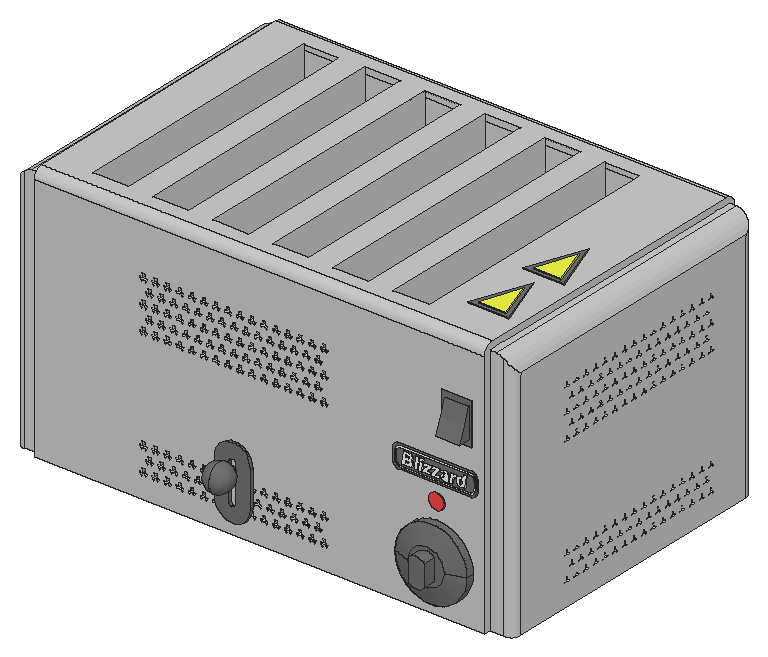
Revit family "QF_BLIZZARD_B6ST", category Specialty Equipment, Revit 2016 (continued)
Forms (mm)
  Extrusion 18, void
    sketch origin (-237.181, 0, 0.393) x (1, 0, 0) y (0, 0, 1)
      loop
        arc (374.991, 32.822) -> (373.314, 33.269) -> (371.638, 32.822) r 3.369
      loop
        arc (381.638, 32.822) -> (382.197, 30.546) -> (379.946, 29.892) r 1.694
        arc (379.946, 29.892) -> (380.397, 28.216) -> (381.622, 26.988) r 3.369
        arc (381.622, 26.988) -> (383.314, 28.61) -> (385.006, 26.988) r 1.694
        arc (385.006, 26.988) -> (386.232, 28.216) -> (386.683, 29.892) r 3.369
        arc (386.683, 29.892) -> (384.432, 30.546) -> (384.991, 32.822) r 1.694
        arc (384.991, 32.822) -> (383.314, 33.269) -> (381.638, 32.822) r 3.369
      loop
        arc (391.638, 32.822) -> (392.197, 30.546) -> (389.946, 29.892) r 1.694
        arc (389.946, 29.892) -> (390.397, 28.216) -> (391.622, 26.988) r 3.369
        arc (391.622, 26.988) -> (393.314, 28.61) -> (395.006, 26.988) r 1.694
        arc (395.006, 26.988) -> (396.232, 28.216) -> (396.683, 29.892) r 3.369
        arc (396.683, 29.892) -> (394.432, 30.546) -> (394.991, 32.822) r 1.694
        arc (394.991, 32.822) -> (393.314, 33.269) -> (391.638, 32.822) r 3.369
      loop
        arc (401.638, 32.822) -> (402.197, 30.546) -> (399.946, 29.892) r 1.694
        arc (399.946, 29.892) -> (400.397, 28.216) -> (401.622, 26.988) r 3.369
        arc (401.622, 26.988) -> (403.314, 28.61) -> (405.006, 26.988) r 1.694
        arc (405.006, 26.988) -> (406.232, 28.216) -> (406.683, 29.892) r 3.369
        arc (406.683, 29.892) -> (404.432, 30.546) -> (404.991, 32.822) r 1.694
        arc (404.991, 32.822) -> (403.314, 33.269) -> (401.638, 32.822) r 3.369
      loop
        arc (441.638, 32.822) -> (442.197, 30.546) -> (439.946, 29.892) r 1.694
        arc (439.946, 29.892) -> (440.397, 28.216) -> (441.622, 26.988) r 3.369
        arc (441.622, 26.988) -> (443.314, 28.61) -> (445.006, 26.988) r 1.694
        arc (445.006, 26.988) -> (446.232, 28.216) -> (446.683, 29.892) r 3.369
        arc (446.683, 29.892) -> (444.432, 30.546) -> (444.991, 32.822) r 1.694
        arc (444.991, 32.822) -> (443.314, 33.269) -> (441.638, 32.822) r 3.369
      loop
        arc (451.638, 32.822) -> (452.197, 30.546) -> (449.946, 29.892) r 1.694
        arc (449.946, 29.892) -> (450.397, 28.216) -> (451.622, 26.988) r 3.369
        arc (451.622, 26.988) -> (453.314, 28.61) -> (455.006, 26.988) r 1.694
        arc (455.006, 26.988) -> (456.232, 28.216) -> (456.683, 29.892) r 3.369
        arc (456.683, 29.892) -> (454.432, 30.546) -> (454.991, 32.822) r 1.694
        arc (454.991, 32.822) -> (453.314, 33.269) -> (451.638, 32.822) r 3.369
      loop
        arc (461.638, 32.822) -> (462.197, 30.546) -> (459.946, 29.892) r 1.694
        arc (459.946, 29.892) -> (460.397, 28.216) -> (461.622, 26.988) r 3.369
        arc (461.622, 26.988) -> (463.314, 28.61) -> (465.006, 26.988) r 1.694
        arc (465.006, 26.988) -> (466.232, 28.216) -> (466.683, 29.892) r 3.369
        arc (466.683, 29.892) -> (464.432, 30.546) -> (464.991, 32.822) r 1.694
        arc (464.991, 32.822) -> (463.314, 33.269) -> (461.638, 32.822) r 3.369
      loop
        arc (471.638, 32.822) -> (472.197, 30.546) -> (469.946, 29.892) r 1.694
        arc (469.946, 29.892) -> (470.397, 28.216) -> (471.622, 26.988) r 3.369
        arc (471.622, 26.988) -> (473.314, 28.61) -> (475.006, 26.988) r 1.694
        arc (475.006, 26.988) -> (476.232, 28.216) -> (476.683, 29.892) r 3.369
        arc (476.683, 29.892) -> (474.432, 30.546) -> (474.991, 32.822) r 1.694
        arc (474.991, 32.822) -> (473.314, 33.269) -> (471.638, 32.822) r 3.369
      loop
        arc (481.638, 32.822) -> (482.197, 30.546) -> (479.946, 29.892) r 1.694
        arc (479.946, 29.892) -> (480.397, 28.216) -> (481.622, 26.988) r 3.369
        arc (481.622, 26.988) -> (483.314, 28.61) -> (485.006, 26.988) r 1.694
        arc (485.006, 26.988) -> (486.232, 28.216) -> (486.683, 29.892) r 3.369
        arc (486.683, 29.892) -> (484.432, 30.546) -> (484.991, 32.822) r 1.694
        arc (484.991, 32.822) -> (483.314, 33.269) -> (481.638, 32.822) r 3.369
      loop
        arc (491.638, 32.822) -> (492.197, 30.546) -> (489.946, 29.892) r 1.694
        arc (489.946, 29.892) -> (490.397, 28.216) -> (491.622, 26.988) r 3.369
        arc (491.622, 26.988) -> (493.314, 28.61) -> (495.006, 26.988) r 1.694
        arc (495.006, 26.988) -> (496.232, 28.216) -> (496.683, 29.892) r 3.369
        arc (496.683, 29.892) -> (494.432, 30.546) -> (494.991, 32.822) r 1.694
        arc (494.991, 32.822) -> (493.314, 33.269) -> (491.638, 32.822) r 3.369
      loop
        arc (346.638, 22.822) -> (347.197, 20.546) -> (344.946, 19.892) r 1.694
        arc (344.946, 19.892) -> (345.397, 18.216) -> (346.622, 16.988) r 3.369
        arc (346.622, 16.988) -> (348.314, 18.61) -> (350.006, 16.988) r 1.694
        arc (350.006, 16.988) -> (351.232, 18.216) -> (351.683, 19.892) r 3.369
        arc (351.683, 19.892) -> (349.432, 20.546) -> (349.991, 22.822) r 1.694
        arc (349.991, 22.822) -> (348.314, 23.269) -> (346.638, 22.822) r 3.369
      loop
        arc (356.638, 22.822) -> (357.197, 20.546) -> (354.946, 19.892) r 1.694
        arc (354.946, 19.892) -> (355.397, 18.216) -> (356.622, 16.988) r 3.369
        arc (356.622, 16.988) -> (358.314, 18.61) -> (360.006, 16.988) r 1.694
        arc (360.006, 16.988) -> (361.232, 18.216) -> (361.683, 19.892) r 3.369
        arc (361.683, 19.892) -> (359.432, 20.546) -> (359.991, 22.822) r 1.694
        arc (359.991, 22.822) -> (358.314, 23.269) -> (356.638, 22.822) r 3.369
      loop
        arc (366.638, 22.822) -> (367.197, 20.546) -> (364.946, 19.892) r 1.694
        arc (364.946, 19.892) -> (365.397, 18.216) -> (366.622, 16.988) r 3.369
        arc (366.622, 16.988) -> (368.314, 18.61) -> (370.006, 16.988) r 1.694
        arc (370.006, 16.988) -> (371.232, 18.216) -> (371.683, 19.892) r 3.369
        arc (371.683, 19.892) -> (369.432, 20.546) -> (369.991, 22.822) r 1.694
        arc (369.991, 22.822) -> (368.314, 23.269) -> (366.638, 22.822) r 3.369
      loop
        arc (376.638, 22.822) -> (377.197, 20.546) -> (374.946, 19.892) r 1.694
        arc (374.946, 19.892) -> (375.397, 18.216) -> (376.622, 16.988) r 3.369
        arc (376.622, 16.988) -> (378.314, 18.61) -> (380.006, 16.988) r 1.694
        arc (380.006, 16.988) -> (381.232, 18.216) -> (381.683, 19.892) r 3.369
        arc (381.683, 19.892) -> (379.432, 20.546) -> (379.991, 22.822) r 1.694
        arc (379.991, 22.822) -> (378.314, 23.269) -> (376.638, 22.822) r 3.369
      loop
        arc (386.638, 22.822) -> (387.197, 20.546) -> (384.946, 19.892) r 1.694
        arc (384.946, 19.892) -> (385.397, 18.216) -> (386.622, 16.988) r 3.369
        arc (386.622, 16.988) -> (388.314, 18.61) -> (390.006, 16.988) r 1.694
        arc (390.006, 16.988) -> (391.232, 18.216) -> (391.683, 19.892) r 3.369
        arc (391.683, 19.892) -> (389.432, 20.546) -> (389.991, 22.822) r 1.694
        arc (389.991, 22.822) -> (388.314, 23.269) -> (386.638, 22.822) r 3.369
      loop
        arc (396.638, 22.822) -> (397.197, 20.546) -> (394.946, 19.892) r 1.694
        arc (394.946, 19.892) -> (395.397, 18.216) -> (396.622, 16.988) r 3.369
        arc (396.622, 16.988) -> (398.314, 18.61) -> (400.006, 16.988) r 1.694
        arc (400.006, 16.988) -> (401.232, 18.216) -> (401.683, 19.892) r 3.369
        arc (401.683, 19.892) -> (399.432, 20.546) -> (399.991, 22.822) r 1.694
        arc (399.991, 22.822) -> (398.314, 23.269) -> (396.638, 22.822) r 3.369
      loop
        arc (406.638, 22.822) -> (407.197, 20.546) -> (404.946, 19.892) r 1.694
        arc (404.946, 19.892) -> (405.397, 18.216) -> (406.622, 16.988) r 3.369
        arc (406.622, 16.988) -> (408.314, 18.61) -> (410.006, 16.988) r 1.694
        arc (410.006, 16.988) -> (411.232, 18.216) -> (411.683, 19.892) r 3.369
        arc (411.683, 19.892) -> (409.432, 20.546) -> (409.991, 22.822) r 1.694
        arc (409.991, 22.822) -> (408.314, 23.269) -> (406.638, 22.822) r 3.369
      loop
        arc (436.638, 22.822) -> (437.197, 20.546) -> (434.946, 19.892) r 1.694
        arc (434.946, 19.892) -> (435.397, 18.216) -> (436.622, 16.988) r 3.369
        arc (436.622, 16.988) -> (438.314, 18.61) -> (440.006, 16.988) r 1.694
        arc (440.006, 16.988) -> (441.232, 18.216) -> (441.683, 19.892) r 3.369
        arc (441.683, 19.892) -> (439.432, 20.546) -> (439.991, 22.822) r 1.694
        arc (439.991, 22.822) -> (438.314, 23.269) -> (436.638, 22.822) r 3.369
      loop
        arc (446.638, 22.822) -> (447.197, 20.546) -> (444.946, 19.892) r 1.694
        arc (444.946, 19.892) -> (445.397, 18.216) -> (446.622, 16.988) r 3.369
        arc (446.622, 16.988) -> (448.314, 18.61) -> (450.006, 16.988) r 1.694
        arc (450.006, 16.988) -> (451.232, 18.216) -> (451.683, 19.892) r 3.369
        arc (451.683, 19.892) -> (449.432, 20.546) -> (449.991, 22.822) r 1.694
        arc (449.991, 22.822) -> (448.314, 23.269) -> (446.638, 22.822) r 3.369
      loop
        arc (456.638, 22.822) -> (457.197, 20.546) -> (454.946, 19.892) r 1.694
        arc (454.946, 19.892) -> (455.397, 18.216) -> (456.622, 16.988) r 3.369
        arc (456.622, 16.988) -> (458.314, 18.61) -> (460.006, 16.988) r 1.694
        arc (460.006, 16.988) -> (461.232, 18.216) -> (461.683, 19.892) r 3.369
        arc (461.683, 19.892) -> (459.432, 20.546) -> (459.991, 22.822) r 1.694
        arc (459.991, 22.822) -> (458.314, 23.269) -> (456.638, 22.822) r 3.369
      loop
        arc (466.638, 22.822) -> (467.197, 20.546) -> (464.946, 19.892) r 1.694
        arc (464.946, 19.892) -> (465.397, 18.216) -> (466.622, 16.988) r 3.369
        arc (466.622, 16.988) -> (468.314, 18.61) -> (470.006, 16.988) r 1.694
        arc (470.006, 16.988) -> (471.232, 18.216) -> (471.683, 19.892) r 3.369
        arc (471.683, 19.892) -> (469.432, 20.546) -> (469.991, 22.822) r 1.694
        arc (469.991, 22.822) -> (468.314, 23.269) -> (466.638, 22.822) r 3.369
      loop
        arc (476.638, 22.822) -> (477.197, 20.546) -> (474.946, 19.892) r 1.694
        arc (474.946, 19.892) -> (475.397, 18.216) -> (476.622, 16.988) r 3.369
        arc (476.622, 16.988) -> (478.314, 18.61) -> (480.006, 16.988) r 1.694
        arc (480.006, 16.988) -> (481.232, 18.216) -> (481.683, 19.892) r 3.369
        arc (481.683, 19.892) -> (479.432, 20.546) -> (479.991, 22.822) r 1.694
        arc (479.991, 22.822) -> (478.314, 23.269) -> (476.638, 22.822) r 3.369
      loop
        arc (486.638, 22.822) -> (487.197, 20.546) -> (484.946, 19.892) r 1.694
        arc (484.946, 19.892) -> (485.397, 18.216) -> (486.622, 16.988) r 3.369
        arc (486.622, 16.988) -> (488.314, 18.61) -> (490.006, 16.988) r 1.694
        arc (490.006, 16.988) -> (491.232, 18.216) -> (491.683, 19.892) r 3.369
        arc (491.683, 19.892) -> (489.432, 20.546) -> (489.991, 22.822) r 1.694
        arc (489.991, 22.822) -> (488.314, 23.269) -> (486.638, 22.822) r 3.369
      loop
        arc (496.638, 22.822) -> (497.197, 20.546) -> (494.946, 19.892) r 1.694
        arc (494.946, 19.892) -> (495.397, 18.216) -> (496.622, 16.988) r 3.369
        arc (496.622, 16.988) -> (498.314, 18.61) -> (500.006, 16.988) r 1.694
        arc (500.006, 16.988) -> (501.232, 18.216) -> (501.683, 19.892) r 3.369
        arc (501.683, 19.892) -> (499.432, 20.546) -> (499.991, 22.822) r 1.694
        arc (499.991, 22.822) -> (498.314, 23.269) -> (496.638, 22.822) r 3.369
    from 254 to 262.634
  Extrusion 19, void
    sketch origin (259, 299.548, 0.393) x (0, -1, 0) y (0, 0, 1)
      loop
        arc (346.638, 167.822) -> (347.197, 165.546) -> (344.946, 164.892) r 1.694
        arc (344.946, 164.892) -> (345.397, 163.216) -> (346.622, 161.988) r 3.369
        arc (346.622, 161.988) -> (348.314, 163.61) -> (350.006, 161.988) r 1.694
        arc (350.006, 161.988) -> (351.232, 163.216) -> (351.683, 164.892) r 3.369
        arc (351.683, 164.892) -> (349.432, 165.546) -> (349.991, 167.822) r 1.694
        arc (349.991, 167.822) -> (348.314, 168.269) -> (346.638, 167.822) r 3.369
      loop
        arc (356.638, 167.822) -> (357.197, 165.546) -> (354.946, 164.892) r 1.694
        arc (354.946, 164.892) -> (355.397, 163.216) -> (356.622, 161.988) r 3.369
        arc (356.622, 161.988) -> (358.314, 163.61) -> (360.006, 161.988) r 1.694
        arc (360.006, 161.988) -> (361.232, 163.216) -> (361.683, 164.892) r 3.369
        arc (361.683, 164.892) -> (359.432, 165.546) -> (359.991, 167.822) r 1.694
        arc (359.991, 167.822) -> (358.314, 168.269) -> (356.638, 167.822) r 3.369
      loop
        arc (366.638, 167.822) -> (367.197, 165.546) -> (364.946, 164.892) r 1.694
        arc (364.946, 164.892) -> (365.397, 163.216) -> (366.622, 161.988) r 3.369
        arc (366.622, 161.988) -> (368.314, 163.61) -> (370.006, 161.988) r 1.694
        arc (370.006, 161.988) -> (371.232, 163.216) -> (371.683, 164.892) r 3.369
        arc (371.683, 164.892) -> (369.432, 165.546) -> (369.991, 167.822) r 1.694
        arc (369.991, 167.822) -> (368.314, 168.269) -> (366.638, 167.822) r 3.369
      loop
        arc (376.638, 167.822) -> (377.197, 165.546) -> (374.946, 164.892) r 1.694
        arc (374.946, 164.892) -> (375.397, 163.216) -> (376.622, 161.988) r 3.369
        arc (376.622, 161.988) -> (378.314, 163.61) -> (380.006, 161.988) r 1.694
        arc (380.006, 161.988) -> (381.232, 163.216) -> (381.683, 164.892) r 3.369
        arc (381.683, 164.892) -> (379.432, 165.546) -> (379.991, 167.822) r 1.694
        arc (379.991, 167.822) -> (378.314, 168.269) -> (376.638, 167.822) r 3.369
      loop
        arc (386.638, 167.822) -> (387.197, 165.546) -> (384.946, 164.892) r 1.694
        arc (384.946, 164.892) -> (385.397, 163.216) -> (386.622, 161.988) r 3.369
        arc (386.622, 161.988) -> (388.314, 163.61) -> (390.006, 161.988) r 1.694
        arc (390.006, 161.988) -> (391.232, 163.216) -> (391.683, 164.892) r 3.369
        arc (391.683, 164.892) -> (389.432, 165.546) -> (389.991, 167.822) r 1.694
        arc (389.991, 167.822) -> (388.314, 168.269) -> (386.638, 167.822) r 3.369
      loop
        arc (396.638, 167.822) -> (397.197, 165.546) -> (394.946, 164.892) r 1.694
        arc (394.946, 164.892) -> (395.397, 163.216) -> (396.622, 161.988) r 3.369
        arc (396.622, 161.988) -> (398.314, 163.61) -> (400.006, 161.988) r 1.694
        arc (400.006, 161.988) -> (401.232, 163.216) -> (401.683, 164.892) r 3.369
        arc (401.683, 164.892) -> (399.432, 165.546) -> (399.991, 167.822) r 1.694
        arc (399.991, 167.822) -> (398.314, 168.269) -> (396.638, 167.822) r 3.369
      loop
        arc (406.638, 167.822) -> (407.197, 165.546) -> (404.946, 164.892) r 1.694
        arc (404.946, 164.892) -> (405.397, 163.216) -> (406.622, 161.988) r 3.369
        arc (406.622, 161.988) -> (408.314, 163.61) -> (410.006, 161.988) r 1.694
        arc (410.006, 161.988) -> (411.232, 163.216) -> (411.683, 164.892) r 3.369
        arc (411.683, 164.892) -> (409.432, 165.546) -> (409.991, 167.822) r 1.694
        arc (409.991, 167.822) -> (408.314, 168.269) -> (406.638, 167.822) r 3.369
      loop
        arc (416.638, 167.822) -> (417.197, 165.546) -> (414.946, 164.892) r 1.694
        arc (414.946, 164.892) -> (415.397, 163.216) -> (416.622, 161.988) r 3.369
        arc (416.622, 161.988) -> (418.314, 163.61) -> (420.006, 161.988) r 1.694
        arc (420.006, 161.988) -> (421.232, 163.216) -> (421.683, 164.892) r 3.369
        arc (421.683, 164.892) -> (419.432, 165.546) -> (419.991, 167.822) r 1.694
        arc (419.991, 167.822) -> (418.314, 168.269) -> (416.638, 167.822) r 3.369
      loop
        arc (426.638, 167.822) -> (427.197, 165.546) -> (424.946, 164.892) r 1.694
        arc (424.946, 164.892) -> (425.397, 163.216) -> (426.622, 161.988) r 3.369
        arc (426.622, 161.988) -> (428.314, 163.61) -> (430.006, 161.988) r 1.694
        arc (430.006, 161.988) -> (431.232, 163.216) -> (431.683, 164.892) r 3.369
        arc (431.683, 164.892) -> (429.432, 165.546) -> (429.991, 167.822) r 1.694
        arc (429.991, 167.822) -> (428.314, 168.269) -> (426.638, 167.822) r 3.369
      loop
        arc (436.638, 167.822) -> (437.197, 165.546) -> (434.946, 164.892) r 1.694
        arc (434.946, 164.892) -> (435.397, 163.216) -> (436.622, 161.988) r 3.369
        arc (436.622, 161.988) -> (438.314, 163.61) -> (440.006, 161.988) r 1.694
        arc (440.006, 161.988) -> (441.232, 163.216) -> (441.683, 164.892) r 3.369
        arc (441.683, 164.892) -> (439.432, 165.546) -> (439.991, 167.822) r 1.694
        arc (439.991, 167.822) -> (438.314, 168.269) -> (436.638, 167.822) r 3.369
      loop
        arc (446.638, 167.822) -> (447.197, 165.546) -> (444.946, 164.892) r 1.694
        arc (444.946, 164.892) -> (445.397, 163.216) -> (446.622, 161.988) r 3.369
        arc (446.622, 161.988) -> (448.314, 163.61) -> (450.006, 161.988) r 1.694
        arc (450.006, 161.988) -> (451.232, 163.216) -> (451.683, 164.892) r 3.369
        arc (451.683, 164.892) -> (449.432, 165.546) -> (449.991, 167.822) r 1.694
        arc (449.991, 167.822) -> (448.314, 168.269) -> (446.638, 167.822) r 3.369
      loop
        arc (456.638, 167.822) -> (457.197, 165.546) -> (454.946, 164.892) r 1.694
        arc (454.946, 164.892) -> (455.397, 163.216) -> (456.622, 161.988) r 3.369
        arc (456.622, 161.988) -> (458.314, 163.61) -> (460.006, 161.988) r 1.694
        arc (460.006, 161.988) -> (461.232, 163.216) -> (461.683, 164.892) r 3.369
        arc (461.683, 164.892) -> (459.432, 165.546) -> (459.991, 167.822) r 1.694
        arc (459.991, 167.822) -> (458.314, 168.269) -> (456.638, 167.822) r 3.369
      loop
        arc (466.638, 167.822) -> (467.197, 165.546) -> (464.946, 164.892) r 1.694
        arc (464.946, 164.892) -> (465.397, 163.216) -> (466.622, 161.988) r 3.369
        arc (466.622, 161.988) -> (468.314, 163.61) -> (470.006, 161.988) r 1.694
        arc (470.006, 161.988) -> (471.232, 163.216) -> (471.683, 164.892) r 3.369
        arc (471.683, 164.892) -> (469.432, 165.546) -> (469.991, 167.822) r 1.694
        arc (469.991, 167.822) -> (468.314, 168.269) -> (466.638, 167.822) r 3.369
      loop
        arc (476.638, 167.822) -> (477.197, 165.546) -> (474.946, 164.892) r 1.694
        arc (474.946, 164.892) -> (475.397, 163.216) -> (476.622, 161.988) r 3.369
        arc (476.622, 161.988) -> (478.314, 163.61) -> (480.006, 161.988) r 1.694
        arc (480.006, 161.988) -> (481.232, 163.216) -> (481.683, 164.892) r 3.369
        arc (481.683, 164.892) -> (479.432, 165.546) -> (479.991, 167.822) r 1.694
        arc (479.991, 167.822) -> (478.314, 168.269) -> (476.638, 167.822) r 3.369
      loop
        arc (486.638, 167.822) -> (487.197, 165.546) -> (484.946, 164.892) r 1.694
        arc (484.946, 164.892) -> (485.397, 163.216) -> (486.622, 161.988) r 3.369
        arc (486.622, 161.988) -> (488.314, 163.61) -> (490.006, 161.988) r 1.694
        arc (490.006, 161.988) -> (491.232, 163.216) -> (491.683, 164.892) r 3.369
        arc (491.683, 164.892) -> (489.432, 165.546) -> (489.991, 167.822) r 1.694
        arc (489.991, 167.822) -> (488.314, 168.269) -> (486.638, 167.822) r 3.369
      loop
        arc (496.638, 167.822) -> (497.197, 165.546) -> (494.946, 164.892) r 1.694
        arc (494.946, 164.892) -> (495.397, 163.216) -> (496.622, 161.988) r 3.369
        arc (496.622, 161.988) -> (498.314, 163.61) -> (500.006, 161.988) r 1.694
        arc (500.006, 161.988) -> (501.232, 163.216) -> (501.683, 164.892) r 3.369
        arc (501.683, 164.892) -> (499.432, 165.546) -> (499.991, 167.822) r 1.694
        arc (499.991, 167.822) -> (498.314, 168.269) -> (496.638, 167.822) r 3.369
      loop
        arc (351.638, 157.822) -> (352.197, 155.546) -> (349.946, 154.892) r 1.694
        arc (349.946, 154.892) -> (350.397, 153.216) -> (351.622, 151.988) r 3.369
        arc (351.622, 151.988) -> (353.314, 153.61) -> (355.006, 151.988) r 1.694
        arc (355.006, 151.988) -> (356.232, 153.216) -> (356.683, 154.892) r 3.369
        arc (356.683, 154.892) -> (354.432, 155.546) -> (354.991, 157.822) r 1.694
        arc (354.991, 157.822) -> (353.314, 158.269) -> (351.638, 157.822) r 3.369
      loop
        arc (361.638, 157.822) -> (362.197, 155.546) -> (359.946, 154.892) r 1.694
        arc (359.946, 154.892) -> (360.397, 153.216) -> (361.622, 151.988) r 3.369
        arc (361.622, 151.988) -> (363.314, 153.61) -> (365.006, 151.988) r 1.694
        arc (365.006, 151.988) -> (366.232, 153.216) -> (366.683, 154.892) r 3.369
        arc (366.683, 154.892) -> (364.432, 155.546) -> (364.991, 157.822) r 1.694
        arc (364.991, 157.822) -> (363.314, 158.269) -> (361.638, 157.822) r 3.369
      loop
        arc (371.638, 157.822) -> (372.197, 155.546) -> (369.946, 154.892) r 1.694
        arc (369.946, 154.892) -> (370.397, 153.216) -> (371.622, 151.988) r 3.369
        arc (371.622, 151.988) -> (373.314, 153.61) -> (375.006, 151.988) r 1.694
        arc (375.006, 151.988) -> (376.232, 153.216) -> (376.683, 154.892) r 3.369
        arc (376.683, 154.892) -> (374.432, 155.546) -> (374.991, 157.822) r 1.694
        arc (374.991, 157.822) -> (373.314, 158.269) -> (371.638, 157.822) r 3.369
      loop
        arc (381.638, 157.822) -> (382.197, 155.546) -> (379.946, 154.892) r 1.694
        arc (379.946, 154.892) -> (380.397, 153.216) -> (381.622, 151.988) r 3.369
        arc (381.622, 151.988) -> (383.314, 153.61) -> (385.006, 151.988) r 1.694
        arc (385.006, 151.988) -> (386.232, 153.216) -> (386.683, 154.892) r 3.369
        arc (386.683, 154.892) -> (384.432, 155.546) -> (384.991, 157.822) r 1.694
        arc (384.991, 157.822) -> (383.314, 158.269) -> (381.638, 157.822) r 3.369
      loop
        arc (391.638, 157.822) -> (392.197, 155.546) -> (389.946, 154.892) r 1.694
        arc (389.946, 154.892) -> (390.397, 153.216) -> (391.622, 151.988) r 3.369
        arc (391.622, 151.988) -> (393.314, 153.61) -> (395.006, 151.988) r 1.694
        arc (395.006, 151.988) -> (396.232, 153.216) -> (396.683, 154.892) r 3.369
        arc (396.683, 154.892) -> (394.432, 155.546) -> (394.991, 157.822) r 1.694
        arc (394.991, 157.822) -> (393.314, 158.269) -> (391.638, 157.822) r 3.369
      loop
        arc (401.638, 157.822) -> (402.197, 155.546) -> (399.946, 154.892) r 1.694
        arc (399.946, 154.892) -> (400.397, 153.216) -> (401.622, 151.988) r 3.369
        arc (401.622, 151.988) -> (403.314, 153.61) -> (405.006, 151.988) r 1.694
        arc (405.006, 151.988) -> (406.232, 153.216) -> (406.683, 154.892) r 3.369
        arc (406.683, 154.892) -> (404.432, 155.546) -> (404.991, 157.822) r 1.694
        arc (404.991, 157.822) -> (403.314, 158.269) -> (401.638, 157.822) r 3.369
      loop
        arc (411.638, 157.822) -> (412.197, 155.546) -> (409.946, 154.892) r 1.694
        arc (409.946, 154.892) -> (410.397, 153.216) -> (411.622, 151.988) r 3.369
        arc (411.622, 151.988) -> (413.314, 153.61) -> (415.006, 151.988) r 1.694
        arc (415.006, 151.988) -> (416.232, 153.216) -> (416.683, 154.892) r 3.369
        arc (416.683, 154.892) -> (414.432, 155.546) -> (414.991, 157.822) r 1.694
        arc (414.991, 157.822) -> (413.314, 158.269) -> (411.638, 157.822) r 3.369
      loop
        arc (421.638, 157.822) -> (422.197, 155.546) -> (419.946, 154.892) r 1.694
        arc (419.946, 154.892) -> (420.397, 153.216) -> (421.622, 151.988) r 3.369
        arc (421.622, 151.988) -> (423.314, 153.61) -> (425.006, 151.988) r 1.694
        arc (425.006, 151.988) -> (426.232, 153.216) -> (426.683, 154.892) r 3.369
        arc (426.683, 154.892) -> (424.432, 155.546) -> (424.991, 157.822) r 1.694
        arc (424.991, 157.822) -> (423.314, 158.269) -> (421.638, 157.822) r 3.369
      loop
        arc (431.638, 157.822) -> (432.197, 155.546) -> (429.946, 154.892) r 1.694
        arc (429.946, 154.892) -> (430.397, 153.216) -> (431.622, 151.988) r 3.369
        arc (431.622, 151.988) -> (433.314, 153.61) -> (435.006, 151.988) r 1.694
        arc (435.006, 151.988) -> (436.232, 153.216) -> (436.683, 154.892) r 3.369
        arc (436.683, 154.892) -> (434.432, 155.546) -> (434.991, 157.822) r 1.694
        arc (434.991, 157.822) -> (433.314, 158.269) -> (431.638, 157.822) r 3.369
      loop
        arc (441.638, 157.822) -> (442.197, 155.546) -> (439.946, 154.892) r 1.694
        arc (439.946, 154.892) -> (440.397, 153.216) -> (441.622, 151.988) r 3.369
        arc (441.622, 151.988) -> (443.314, 153.61) -> (445.006, 151.988) r 1.694
        arc (445.006, 151.988) -> (446.232, 153.216) -> (446.683, 154.892) r 3.369
        arc (446.683, 154.892) -> (444.432, 155.546) -> (444.991, 157.822) r 1.694
        arc (444.991, 157.822) -> (443.314, 158.269) -> (441.638, 157.822) r 3.369
      loop
        arc (451.638, 157.822) -> (452.197, 155.546) -> (449.946, 154.892) r 1.694
        arc (449.946, 154.892) -> (450.397, 153.216) -> (451.622, 151.988) r 3.369
        arc (451.622, 151.988) -> (453.314, 153.61) -> (455.006, 151.988) r 1.694
        arc (455.006, 151.988) -> (456.232, 153.216) -> (456.683, 154.892) r 3.369
        arc (456.683, 154.892) -> (454.432, 155.546) -> (454.991, 157.822) r 1.694
        arc (454.991, 157.822) -> (453.314, 158.269) -> (451.638, 157.822) r 3.369
      loop
        arc (461.638, 157.822) -> (462.197, 155.546) -> (459.946, 154.892) r 1.694
        arc (459.946, 154.892) -> (460.397, 153.216) -> (461.622, 151.988) r 3.369
        arc (461.622, 151.988) -> (463.314, 153.61) -> (465.006, 151.988) r 1.694
        arc (465.006, 151.988) -> (466.232, 153.216) -> (466.683, 154.892) r 3.369
        arc (466.683, 154.892) -> (464.432, 155.546) -> (464.991, 157.822) r 1.694
        arc (464.991, 157.822) -> (463.314, 158.269) -> (461.638, 157.822) r 3.369
      loop
        arc (471.638, 157.822) -> (472.197, 155.546) -> (469.946, 154.892) r 1.694
        arc (469.946, 154.892) -> (470.397, 153.216) -> (471.622, 151.988) r 3.369
        arc (471.622, 151.988) -> (473.314, 153.61) -> (475.006, 151.988) r 1.694
        arc (475.006, 151.988) -> (476.232, 153.216) -> (476.683, 154.892) r 3.369
        arc (476.683, 154.892) -> (474.432, 155.546) -> (474.991, 157.822) r 1.694
        arc (474.991, 157.822) -> (473.314, 158.269) -> (471.638, 157.822) r 3.369
      loop
        arc (481.638, 157.822) -> (482.197, 155.546) -> (479.946, 154.892) r 1.694
        arc (479.946, 154.892) -> (480.397, 153.216) -> (481.622, 151.988) r 3.369
        arc (481.622, 151.988) -> (483.314, 153.61) -> (485.006, 151.988) r 1.694
        arc (485.006, 151.988) -> (486.232, 153.216) -> (486.683, 154.892) r 3.369
        arc (486.683, 154.892) -> (484.432, 155.546) -> (484.991, 157.822) r 1.694
        arc (484.991, 157.822) -> (483.314, 158.269) -> (481.638, 157.822) r 3.369
      loop
        arc (491.638, 157.822) -> (492.197, 155.546) -> (489.946, 154.892) r 1.694
        arc (489.946, 154.892) -> (490.397, 153.216) -> (491.622, 151.988) r 3.369
        arc (491.622, 151.988) -> (493.314, 153.61) -> (495.006, 151.988) r 1.694
        arc (495.006, 151.988) -> (496.232, 153.216) -> (496.683, 154.892) r 3.369
        arc (496.683, 154.892) -> (494.432, 155.546) -> (494.991, 157.822) r 1.694
        arc (494.991, 157.822) -> (493.314, 158.269) -> (491.638, 157.822) r 3.369
      loop
        arc (346.638, 147.822) -> (347.197, 145.546) -> (344.946, 144.892) r 1.694
        arc (344.946, 144.892) -> (345.397, 143.216) -> (346.622, 141.988) r 3.369
        arc (346.622, 141.988) -> (348.314, 143.61) -> (350.006, 141.988) r 1.694
        arc (350.006, 141.988) -> (351.232, 143.216) -> (351.683, 144.892) r 3.369
        arc (351.683, 144.892) -> (349.432, 145.546) -> (349.991, 147.822) r 1.694
        arc (349.991, 147.822) -> (348.314, 148.269) -> (346.638, 147.822) r 3.369
      loop
        arc (356.638, 147.822) -> (357.197, 145.546) -> (354.946, 144.892) r 1.694
        arc (354.946, 144.892) -> (355.397, 143.216) -> (356.622, 141.988) r 3.369
        arc (356.622, 141.988) -> (358.314, 143.61) -> (360.006, 141.988) r 1.694
        arc (360.006, 141.988) -> (361.232, 143.216) -> (361.683, 144.892) r 3.369
        arc (361.683, 144.892) -> (359.432, 145.546) -> (359.991, 147.822) r 1.694
        arc (359.991, 147.822) -> (358.314, 148.269) -> (356.638, 147.822) r 3.369
      loop
        arc (366.638, 147.822) -> (367.197, 145.546) -> (364.946, 144.892) r 1.694
        arc (364.946, 144.892) -> (365.397, 143.216) -> (366.622, 141.988) r 3.369
        arc (366.622, 141.988) -> (368.314, 143.61) -> (370.006, 141.988) r 1.694
        arc (370.006, 141.988) -> (371.232, 143.216) -> (371.683, 144.892) r 3.369
        arc (371.683, 144.892) -> (369.432, 145.546) -> (369.991, 147.822) r 1.694
        arc (369.991, 147.822) -> (368.314, 148.269) -> (366.638, 147.822) r 3.369
      loop
        arc (376.638, 147.822) -> (377.197, 145.546) -> (374.946, 144.892) r 1.694
        arc (374.946, 144.892) -> (375.397, 143.216) -> (376.622, 141.988) r 3.369
        arc (376.622, 141.988) -> (378.314, 143.61) -> (380.006, 141.988) r 1.694
        arc (380.006, 141.988) -> (381.232, 143.216) -> (381.683, 144.892) r 3.369
        arc (381.683, 144.892) -> (379.432, 145.546) -> (379.991, 147.822) r 1.694
        arc (379.991, 147.822) -> (378.314, 148.269) -> (376.638, 147.822) r 3.369
      loop
        arc (386.638, 147.822) -> (387.197, 145.546) -> (384.946, 144.892) r 1.694
        arc (384.946, 144.892) -> (385.397, 143.216) -> (386.622, 141.988) r 3.369
        arc (386.622, 141.988) -> (388.314, 143.61) -> (390.006, 141.988) r 1.694
        arc (390.006, 141.988) -> (391.232, 143.216) -> (391.683, 144.892) r 3.369
        arc (391.683, 144.892) -> (389.432, 145.546) -> (389.991, 147.822) r 1.694
        arc (389.991, 147.822) -> (388.314, 148.269) -> (386.638, 147.822) r 3.369
      loop
        arc (396.638, 147.822) -> (397.197, 145.546) -> (394.946, 144.892) r 1.694
        arc (394.946, 144.892) -> (395.397, 143.216) -> (396.622, 141.988) r 3.369
        arc (396.622, 141.988) -> (398.314, 143.61) -> (400.006, 141.988) r 1.694
        arc (400.006, 141.988) -> (401.232, 143.216) -> (401.683, 144.892) r 3.369
        arc (401.683, 144.892) -> (399.432, 145.546) -> (399.991, 147.822) r 1.694
        arc (399.991, 147.822) -> (398.314, 148.269) -> (396.638, 147.822) r 3.369
      loop
        arc (406.638, 147.822) -> (407.197, 145.546) -> (404.946, 144.892) r 1.694
        arc (404.946, 144.892) -> (405.397, 143.216) -> (406.622, 141.988) r 3.369
        arc (406.622, 141.988) -> (408.314, 143.61) -> (410.006, 141.988) r 1.694
        arc (410.006, 141.988) -> (411.232, 143.216) -> (411.683, 144.892) r 3.369
        arc (411.683, 144.892) -> (409.432, 145.546) -> (409.991, 147.822) r 1.694
        arc (409.991, 147.822) -> (408.314, 148.269) -> (406.638, 147.822) r 3.369
      loop
        arc (416.638, 147.822) -> (417.197, 145.546) -> (414.946, 144.892) r 1.694
        arc (414.946, 144.892) -> (415.397, 143.216) -> (416.622, 141.988) r 3.369
        arc (416.622, 141.988) -> (418.314, 143.61) -> (420.006, 141.988) r 1.694
        arc (420.006, 141.988) -> (421.232, 143.216) -> (421.683, 144.892) r 3.369
        arc (421.683, 144.892) -> (419.432, 145.546) -> (419.991, 147.822) r 1.694
        arc (419.991, 147.822) -> (418.314, 148.269) -> (416.638, 147.822) r 3.369
      loop
        arc (426.638, 147.822) -> (427.197, 145.546) -> (424.946, 144.892) r 1.694
        arc (424.946, 144.892) -> (425.397, 143.216) -> (426.622, 141.988) r 3.369
        arc (426.622, 141.988) -> (428.314, 143.61) -> (430.006, 141.988) r 1.694
        arc (430.006, 141.988) -> (431.232, 143.216) -> (431.683, 144.892) r 3.369
        arc (431.683, 144.892) -> (429.432, 145.546) -> (429.991, 147.822) r 1.694
        arc (429.991, 147.822) -> (428.314, 148.269) -> (426.638, 147.822) r 3.369
      loop
        arc (436.638, 147.822) -> (437.197, 145.546) -> (434.946, 144.892) r 1.694
        arc (434.946, 144.892) -> (435.397, 143.216) -> (436.622, 141.988) r 3.369
        arc (436.622, 141.988) -> (438.314, 143.61) -> (440.006, 141.988) r 1.694
        arc (440.006, 141.988) -> (441.232, 143.216) -> (441.683, 144.892) r 3.369
        arc (441.683, 144.892) -> (439.432, 145.546) -> (439.991, 147.822) r 1.694
        arc (439.991, 147.822) -> (438.314, 148.269) -> (436.638, 147.822) r 3.369
      loop
        arc (446.638, 147.822) -> (447.197, 145.546) -> (444.946, 144.892) r 1.694
        arc (444.946, 144.892) -> (445.397, 143.216) -> (446.622, 141.988) r 3.369
        arc (446.622, 141.988) -> (448.314, 143.61) -> (450.006, 141.988) r 1.694
        arc (450.006, 141.988) -> (451.232, 143.216) -> (451.683, 144.892) r 3.369
        arc (451.683, 144.892) -> (449.432, 145.546) -> (449.991, 147.822) r 1.694
        arc (449.991, 147.822) -> (448.314, 148.269) -> (446.638, 147.822) r 3.369
      loop
        arc (456.638, 147.822) -> (457.197, 145.546) -> (454.946, 144.892) r 1.694
        arc (454.946, 144.892) -> (455.397, 143.216) -> (456.622, 141.988) r 3.369
        arc (456.622, 141.988) -> (458.314, 143.61) -> (460.006, 141.988) r 1.694
        arc (460.006, 141.988) -> (461.232, 143.216) -> (461.683, 144.892) r 3.369
        arc (461.683, 144.892) -> (459.432, 145.546) -> (459.991, 147.822) r 1.694
        arc (459.991, 147.822) -> (458.314, 148.269) -> (456.638, 147.822) r 3.369
      loop
        arc (466.638, 147.822) -> (467.197, 145.546) -> (464.946, 144.892) r 1.694
        arc (464.946, 144.892) -> (465.397, 143.216) -> (466.622, 141.988) r 3.369
        arc (466.622, 141.988) -> (468.314, 143.61) -> (470.006, 141.988) r 1.694
        arc (470.006, 141.988) -> (471.232, 143.216) -> (471.683, 144.892) r 3.369
        arc (471.683, 144.892) -> (469.432, 145.546) -> (469.991, 147.822) r 1.694
        arc (469.991, 147.822) -> (468.314, 148.269) -> (466.638, 147.822) r 3.369
      loop
        arc (476.638, 147.822) -> (477.197, 145.546) -> (474.946, 144.892) r 1.694
        arc (474.946, 144.892) -> (475.397, 143.216) -> (476.622, 141.988) r 3.369
        arc (476.622, 141.988) -> (478.314, 143.61) -> (480.006, 141.988) r 1.694
        arc (480.006, 141.988) -> (481.232, 143.216) -> (481.683, 144.892) r 3.369
        arc (481.683, 144.892) -> (479.432, 145.546) -> (479.991, 147.822) r 1.694
        arc (479.991, 147.822) -> (478.314, 148.269) -> (476.638, 147.822) r 3.369
      loop
        arc (486.638, 147.822) -> (487.197, 145.546) -> (484.946, 144.892) r 1.694
        arc (484.946, 144.892) -> (485.397, 143.216) -> (486.622, 141.988) r 3.369
        arc (486.622, 141.988) -> (488.314, 143.61) -> (490.006, 141.988) r 1.694
        arc (490.006, 141.988) -> (491.232, 143.216) -> (491.683, 144.892) r 3.369
        arc (491.683, 144.892) -> (489.432, 145.546) -> (489.991, 147.822) r 1.694
        arc (489.991, 147.822) -> (488.314, 148.269) -> (486.638, 147.822) r 3.369
      loop
        arc (496.638, 147.822) -> (497.197, 145.546) -> (494.946, 144.892) r 1.694
        arc (494.946, 144.892) -> (495.397, 143.216) -> (496.622, 141.988) r 3.369
        arc (496.622, 141.988) -> (498.314, 143.61) -> (500.006, 141.988) r 1.694
        arc (500.006, 141.988) -> (501.232, 143.216) -> (501.683, 144.892) r 3.369
        arc (501.683, 144.892) -> (499.432, 145.546) -> (499.991, 147.822) r 1.694
        arc (499.991, 147.822) -> (498.314, 148.269) -> (496.638, 147.822) r 3.369
      loop
        arc (351.638, 137.822) -> (352.197, 135.546) -> (349.946, 134.892) r 1.694
        arc (349.946, 134.892) -> (350.397, 133.216) -> (351.622, 131.988) r 3.369
        arc (351.622, 131.988) -> (353.314, 133.61) -> (355.006, 131.988) r 1.694
        arc (355.006, 131.988) -> (356.232, 133.216) -> (356.683, 134.892) r 3.369
        arc (356.683, 134.892) -> (354.432, 135.546) -> (354.991, 137.822) r 1.694
        arc (354.991, 137.822) -> (353.314, 138.269) -> (351.638, 137.822) r 3.369
      loop
        arc (361.638, 137.822) -> (362.197, 135.546) -> (359.946, 134.892) r 1.694
        arc (359.946, 134.892) -> (360.397, 133.216) -> (361.622, 131.988) r 3.369
        arc (361.622, 131.988) -> (363.314, 133.61) -> (365.006, 131.988) r 1.694
        arc (365.006, 131.988) -> (366.232, 133.216) -> (366.683, 134.892) r 3.369
        arc (366.683, 134.892) -> (364.432, 135.546) -> (364.991, 137.822) r 1.694
        arc (364.991, 137.822) -> (363.314, 138.269) -> (361.638, 137.822) r 3.369
      loop
        arc (371.638, 137.822) -> (372.197, 135.546) -> (369.946, 134.892) r 1.694
        arc (369.946, 134.892) -> (370.397, 133.216) -> (371.622, 131.988) r 3.369
        arc (371.622, 131.988) -> (373.314, 133.61) -> (375.006, 131.988) r 1.694
        arc (375.006, 131.988) -> (376.232, 133.216) -> (376.683, 134.892) r 3.369
        arc (376.683, 134.892) -> (374.432, 135.546) -> (374.991, 137.822) r 1.694
        arc (374.991, 137.822) -> (373.314, 138.269) -> (371.638, 137.822) r 3.369
      loop
        arc (381.638, 137.822) -> (382.197, 135.546) -> (379.946, 134.892) r 1.694
        arc (379.946, 134.892) -> (380.397, 133.216) -> (381.622, 131.988) r 3.369
        arc (381.622, 131.988) -> (383.314, 133.61) -> (385.006, 131.988) r 1.694
        arc (385.006, 131.988) -> (386.232, 133.216) -> (386.683, 134.892) r 3.369
        arc (386.683, 134.892) -> (384.432, 135.546) -> (384.991, 137.822) r 1.694
        arc (384.991, 137.822) -> (383.314, 138.269) -> (381.638, 137.822) r 3.369
      loop
        arc (391.638, 137.822) -> (392.197, 135.546) -> (389.946, 134.892) r 1.694
        arc (389.946, 134.892) -> (390.397, 133.216) -> (391.622, 131.988) r 3.369
        arc (391.622, 131.988) -> (393.314, 133.61) -> (395.006, 131.988) r 1.694
        arc (395.006, 131.988) -> (396.232, 133.216) -> (396.683, 134.892) r 3.369
        arc (396.683, 134.892) -> (394.432, 135.546) -> (394.991, 137.822) r 1.694
        arc (394.991, 137.822) -> (393.314, 138.269) -> (391.638, 137.822) r 3.369
      loop
        arc (401.638, 137.822) -> (402.197, 135.546) -> (399.946, 134.892) r 1.694
        arc (399.946, 134.892) -> (400.397, 133.216) -> (401.622, 131.988) r 3.369
        arc (401.622, 131.988) -> (403.314, 133.61) -> (405.006, 131.988) r 1.694
        arc (405.006, 131.988) -> (406.232, 133.216) -> (406.683, 134.892) r 3.369
        arc (406.683, 134.892) -> (404.432, 135.546) -> (404.991, 137.822) r 1.694
        arc (404.991, 137.822) -> (403.314, 138.269) -> (401.638, 137.822) r 3.369
      loop
        arc (411.638, 137.822) -> (412.197, 135.546) -> (409.946, 134.892) r 1.694
        arc (409.946, 134.892) -> (410.397, 133.216) -> (411.622, 131.988) r 3.369
        arc (411.622, 131.988) -> (413.314, 133.61) -> (415.006, 131.988) r 1.694
        arc (415.006, 131.988) -> (416.232, 133.216) -> (416.683, 134.892) r 3.369
        arc (416.683, 134.892) -> (414.432, 135.546) -> (414.991, 137.822) r 1.694
        arc (414.991, 137.822) -> (413.314, 138.269) -> (411.638, 137.822) r 3.369
      loop
        arc (421.638, 137.822) -> (422.197, 135.546) -> (419.946, 134.892) r 1.694
        arc (419.946, 134.892) -> (420.397, 133.216) -> (421.622, 131.988) r 3.369
        arc (421.622, 131.988) -> (423.314, 133.61) -> (425.006, 131.988) r 1.694
        arc (425.006, 131.988) -> (426.232, 133.216) -> (426.683, 134.892) r 3.369
        arc (426.683, 134.892) -> (424.432, 135.546) -> (424.991, 137.822) r 1.694
        arc (424.991, 137.822) -> (423.314, 138.269) -> (421.638, 137.822) r 3.369
      loop
        arc (431.638, 137.822) -> (432.197, 135.546) -> (429.946, 134.892) r 1.694
        arc (429.946, 134.892) -> (430.397, 133.216) -> (431.622, 131.988) r 3.369
        arc (431.622, 131.988) -> (433.314, 133.61) -> (435.006, 131.988) r 1.694
        arc (435.006, 131.988) -> (436.232, 133.216) -> (436.683, 134.892) r 3.369
        arc (436.683, 134.892) -> (434.432, 135.546) -> (434.991, 137.822) r 1.694
        arc (434.991, 137.822) -> (433.314, 138.269) -> (431.638, 137.822) r 3.369
      loop
        arc (441.638, 137.822) -> (442.197, 135.546) -> (439.946, 134.892) r 1.694
        arc (439.946, 134.892) -> (440.397, 133.216) -> (441.622, 131.988) r 3.369
        arc (441.622, 131.988) -> (443.314, 133.61) -> (445.006, 131.988) r 1.694
        arc (445.006, 131.988) -> (446.232, 133.216) -> (446.683, 134.892) r 3.369
        arc (446.683, 134.892) -> (444.432, 135.546) -> (444.991, 137.822) r 1.694
        arc (444.991, 137.822) -> (443.314, 138.269) -> (441.638, 137.822) r 3.369
      loop
        arc (451.638, 137.822) -> (452.197, 135.546) -> (449.946, 134.892) r 1.694
        arc (449.946, 134.892) -> (450.397, 133.216) -> (451.622, 131.988) r 3.369
        arc (451.622, 131.988) -> (453.314, 133.61) -> (455.006, 131.988) r 1.694
        arc (455.006, 131.988) -> (456.232, 133.216) -> (456.683, 134.892) r 3.369
        arc (456.683, 134.892) -> (454.432, 135.546) -> (454.991, 137.822) r 1.694
        arc (454.991, 137.822) -> (453.314, 138.269) -> (451.638, 137.822) r 3.369
      loop
        arc (461.638, 137.822) -> (462.197, 135.546) -> (459.946, 134.892) r 1.694
        arc (459.946, 134.892) -> (460.397, 133.216) -> (461.622, 131.988) r 3.369
        arc (461.622, 131.988) -> (463.314, 133.61) -> (465.006, 131.988) r 1.694
        arc (465.006, 131.988) -> (466.232, 133.216) -> (466.683, 134.892) r 3.369
        arc (466.683, 134.892) -> (464.432, 135.546) -> (464.991, 137.822) r 1.694
        arc (464.991, 137.822) -> (463.314, 138.269) -> (461.638, 137.822) r 3.369
      loop
        arc (471.638, 137.822) -> (472.197, 135.546) -> (469.946, 134.892) r 1.694
        arc (469.946, 134.892) -> (470.397, 133.216) -> (471.622, 131.988) r 3.369
        arc (471.622, 131.988) -> (473.314, 133.61) -> (475.006, 131.988) r 1.694
        arc (475.006, 131.988) -> (476.232, 133.216) -> (476.683, 134.892) r 3.369
        arc (476.683, 134.892) -> (474.432, 135.546) -> (474.991, 137.822) r 1.694
        arc (474.991, 137.822) -> (473.314, 138.269) -> (471.638, 137.822) r 3.369
      loop
        arc (481.638, 137.822) -> (482.197, 135.546) -> (479.946, 134.892) r 1.694
        arc (479.946, 134.892) -> (480.397, 133.216) -> (481.622, 131.988) r 3.369
        arc (481.622, 131.988) -> (483.314, 133.61) -> (485.006, 131.988) r 1.694
        arc (485.006, 131.988) -> (486.232, 133.216) -> (486.683, 134.892) r 3.369
        arc (486.683, 134.892) -> (484.432, 135.546) -> (484.991, 137.822) r 1.694
        arc (484.991, 137.822) -> (483.314, 138.269) -> (481.638, 137.822) r 3.369
      loop
        arc (491.638, 137.822) -> (492.197, 135.546) -> (489.946, 134.892) r 1.694
        arc (489.946, 134.892) -> (490.397, 133.216) -> (491.622, 131.988) r 3.369
        arc (491.622, 131.988) -> (493.314, 133.61) -> (495.006, 131.988) r 1.694
        arc (495.006, 131.988) -> (496.232, 133.216) -> (496.683, 134.892) r 3.369
        arc (496.683, 134.892) -> (494.432, 135.546) -> (494.991, 137.822) r 1.694
        arc (494.991, 137.822) -> (493.314, 138.269) -> (491.638, 137.822) r 3.369
      loop
        arc (346.638, 127.822) -> (347.197, 125.546) -> (344.946, 124.892) r 1.694
        arc (344.946, 124.892) -> (345.397, 123.216) -> (346.622, 121.988) r 3.369
        arc (346.622, 121.988) -> (348.314, 123.61) -> (350.006, 121.988) r 1.694
        arc (350.006, 121.988) -> (351.232, 123.216) -> (351.683, 124.892) r 3.369
        arc (351.683, 124.892) -> (349.432, 125.546) -> (349.991, 127.822) r 1.694
        arc (349.991, 127.822) -> (348.314, 128.269) -> (346.638, 127.822) r 3.369
      loop
        arc (356.638, 127.822) -> (357.197, 125.546) -> (354.946, 124.892) r 1.694
        arc (354.946, 124.892) -> (355.397, 123.216) -> (356.622, 121.988) r 3.369
        arc (356.622, 121.988) -> (358.314, 123.61) -> (360.006, 121.988) r 1.694
        arc (360.006, 121.988) -> (361.232, 123.216) -> (361.683, 124.892) r 3.369
        arc (361.683, 124.892) -> (359.432, 125.546) -> (359.991, 127.822) r 1.694
        arc (359.991, 127.822) -> (358.314, 128.269) -> (356.638, 127.822) r 3.369
      loop
        arc (366.638, 127.822) -> (367.197, 125.546) -> (364.946, 124.892) r 1.694
        arc (364.946, 124.892) -> (365.397, 123.216) -> (366.622, 121.988) r 3.369
        arc (366.622, 121.988) -> (368.314, 123.61) -> (370.006, 121.988) r 1.694
        arc (370.006, 121.988) -> (371.232, 123.216) -> (371.683, 124.892) r 3.369
        arc (371.683, 124.892) -> (369.432, 125.546) -> (369.991, 127.822) r 1.694
        arc (369.991, 127.822) -> (368.314, 128.269) -> (366.638, 127.822) r 3.369
      loop
        arc (376.638, 127.822) -> (377.197, 125.546) -> (374.946, 124.892) r 1.694
        arc (374.946, 124.892) -> (375.397, 123.216) -> (376.622, 121.988) r 3.369
        arc (376.622, 121.988) -> (378.314, 123.61) -> (380.006, 121.988) r 1.694
        arc (380.006, 121.988) -> (381.232, 123.216) -> (381.683, 124.892) r 3.369
        arc (381.683, 124.892) -> (379.432, 125.546) -> (379.991, 127.822) r 1.694
        arc (379.991, 127.822) -> (378.314, 128.269) -> (376.638, 127.822) r 3.369
      loop
        arc (386.638, 127.822) -> (387.197, 125.546) -> (384.946, 124.892) r 1.694
        arc (384.946, 124.892) -> (385.397, 123.216) -> (386.622, 121.988) r 3.369
        arc (386.622, 121.988) -> (388.314, 123.61) -> (390.006, 121.988) r 1.694
        arc (390.006, 121.988) -> (391.232, 123.216) -> (391.683, 124.892) r 3.369
        arc (391.683, 124.892) -> (389.432, 125.546) -> (389.991, 127.822) r 1.694
        arc (389.991, 127.822) -> (388.314, 128.269) -> (386.638, 127.822) r 3.369
      loop
        arc (396.638, 127.822) -> (397.197, 125.546) -> (394.946, 124.892) r 1.694
        arc (394.946, 124.892) -> (395.397, 123.216) -> (396.622, 121.988) r 3.369
        arc (396.622, 121.988) -> (398.314, 123.61) -> (400.006, 121.988) r 1.694
        arc (400.006, 121.988) -> (401.232, 123.216) -> (401.683, 124.892) r 3.369
        arc (401.683, 124.892) -> (399.432, 125.546) -> (399.991, 127.822) r 1.694
        arc (399.991, 127.822) -> (398.314, 128.269) -> (396.638, 127.822) r 3.369
      loop
        arc (406.638, 127.822) -> (407.197, 125.546) -> (404.946, 124.892) r 1.694
        arc (404.946, 124.892) -> (405.397, 123.216) -> (406.622, 121.988) r 3.369
        arc (406.622, 121.988) -> (408.314, 123.61) -> (410.006, 121.988) r 1.694
        arc (410.006, 121.988) -> (411.232, 123.216) -> (411.683, 124.892) r 3.369
        arc (411.683, 124.892) -> (409.432, 125.546) -> (409.991, 127.822) r 1.694
        arc (409.991, 127.822) -> (408.314, 128.269) -> (406.638, 127.822) r 3.369
      loop
        arc (416.638, 127.822) -> (417.197, 125.546) -> (414.946, 124.892) r 1.694
        arc (414.946, 124.892) -> (415.397, 123.216) -> (416.622, 121.988) r 3.369
        arc (416.622, 121.988) -> (418.314, 123.61) -> (420.006, 121.988) r 1.694
        arc (420.006, 121.988) -> (421.232, 123.216) -> (421.683, 124.892) r 3.369
        arc (421.683, 124.892) -> (419.432, 125.546) -> (419.991, 127.822) r 1.694
        arc (419.991, 127.822) -> (418.314, 128.269) -> (416.638, 127.822) r 3.369
      loop
        arc (426.638, 127.822) -> (427.197, 125.546) -> (424.946, 124.892) r 1.694
        arc (424.946, 124.892) -> (425.397, 123.216) -> (426.622, 121.988) r 3.369
        arc (426.622, 121.988) -> (428.314, 123.61) -> (430.006, 121.988) r 1.694
        arc (430.006, 121.988) -> (431.232, 123.216) -> (431.683, 124.892) r 3.369
        arc (431.683, 124.892) -> (429.432, 125.546) -> (429.991, 127.822) r 1.694
        arc (429.991, 127.822) -> (428.314, 128.269) -> (426.638, 127.822) r 3.369
      loop
        arc (436.638, 127.822) -> (437.197, 125.546) -> (434.946, 124.892) r 1.694
        arc (434.946, 124.892) -> (435.397, 123.216) -> (436.622, 121.988) r 3.369
        arc (436.622, 121.988) -> (438.314, 123.61) -> (440.006, 121.988) r 1.694
        arc (440.006, 121.988) -> (441.232, 123.216) -> (441.683, 124.892) r 3.369
        arc (441.683, 124.892) -> (439.432, 125.546) -> (439.991, 127.822) r 1.694
        arc (439.991, 127.822) -> (438.314, 128.269) -> (436.638, 127.822) r 3.369
      loop
        arc (446.638, 127.822) -> (447.197, 125.546) -> (444.946, 124.892) r 1.694
        arc (444.946, 124.892) -> (445.397, 123.216) -> (446.622, 121.988) r 3.369
        arc (446.622, 121.988) -> (448.314, 123.61) -> (450.006, 121.988) r 1.694
        arc (450.006, 121.988) -> (451.232, 123.216) -> (451.683, 124.892) r 3.369
        arc (451.683, 124.892) -> (449.432, 125.546) -> (449.991, 127.822) r 1.694
        arc (449.991, 127.822) -> (448.314, 128.269) -> (446.638, 127.822) r 3.369
      loop
        arc (456.638, 127.822) -> (457.197, 125.546) -> (454.946, 124.892) r 1.694
        arc (454.946, 124.892) -> (455.397, 123.216) -> (456.622, 121.988) r 3.369
        arc (456.622, 121.988) -> (458.314, 123.61) -> (460.006, 121.988) r 1.694
        arc (460.006, 121.988) -> (461.232, 123.216) -> (461.683, 124.892) r 3.369
        arc (461.683, 124.892) -> (459.432, 125.546) -> (459.991, 127.822) r 1.694
        arc (459.991, 127.822) -> (458.314, 128.269) -> (456.638, 127.822) r 3.369
      loop
        arc (466.638, 127.822) -> (467.197, 125.546) -> (464.946, 124.892) r 1.694
        arc (464.946, 124.892) -> (465.397, 123.216) -> (466.622, 121.988) r 3.369
        arc (466.622, 121.988) -> (468.314, 123.61) -> (470.006, 121.988) r 1.694
        arc (470.006, 121.988) -> (471.232, 123.216) -> (471.683, 124.892) r 3.369
        arc (471.683, 124.892) -> (469.432, 125.546) -> (469.991, 127.822) r 1.694
        arc (469.991, 127.822) -> (468.314, 128.269) -> (466.638, 127.822) r 3.369
      loop
        arc (476.638, 127.822) -> (477.197, 125.546) -> (474.946, 124.892) r 1.694
        arc (474.946, 124.892) -> (475.397, 123.216) -> (476.622, 121.988) r 3.369
        arc (476.622, 121.988) -> (478.314, 123.61) -> (480.006, 121.988) r 1.694
        arc (480.006, 121.988) -> (481.232, 123.216) -> (481.683, 124.892) r 3.369
        arc (481.683, 124.892) -> (479.432, 125.546) -> (479.991, 127.822) r 1.694
        arc (479.991, 127.822) -> (478.314, 128.269) -> (476.638, 127.822) r 3.369
      loop
        arc (486.638, 127.822) -> (487.197, 125.546) -> (484.946, 124.892) r 1.694
        arc (484.946, 124.892) -> (485.397, 123.216) -> (486.622, 121.988) r 3.369
        arc (486.622, 121.988) -> (488.314, 123.61) -> (490.006, 121.988) r 1.694
        arc (490.006, 121.988) -> (491.232, 123.216) -> (491.683, 124.892) r 3.369
        arc (491.683, 124.892) -> (489.432, 125.546) -> (489.991, 127.822) r 1.694
        arc (489.991, 127.822) -> (488.314, 128.269) -> (486.638, 127.822) r 3.369
      loop
        arc (496.638, 127.822) -> (497.197, 125.546) -> (494.946, 124.892) r 1.694
        arc (494.946, 124.892) -> (495.397, 123.216) -> (496.622, 121.988) r 3.369
        arc (496.622, 121.988) -> (498.314, 123.61) -> (500.006, 121.988) r 1.694
        arc (500.006, 121.988) -> (501.232, 123.216) -> (501.683, 124.892) r 3.369
        arc (501.683, 124.892) -> (499.432, 125.546) -> (499.991, 127.822) r 1.694
        arc (499.991, 127.822) -> (498.314, 128.269) -> (496.638, 127.822) r 3.369
      loop
        arc (346.638, 42.822) -> (347.197, 40.546) -> (344.946, 39.892) r 1.694
        arc (344.946, 39.892) -> (345.397, 38.216) -> (346.622, 36.988) r 3.369
        arc (346.622, 36.988) -> (348.314, 38.61) -> (350.006, 36.988) r 1.694
        arc (350.006, 36.988) -> (351.232, 38.216) -> (351.683, 39.892) r 3.369
        arc (351.683, 39.892) -> (349.432, 40.546) -> (349.991, 42.822) r 1.694
        arc (349.991, 42.822) -> (348.314, 43.269) -> (346.638, 42.822) r 3.369
      loop
        arc (356.638, 42.822) -> (357.197, 40.546) -> (354.946, 39.892) r 1.694
        arc (354.946, 39.892) -> (355.397, 38.216) -> (356.622, 36.988) r 3.369
        arc (356.622, 36.988) -> (358.314, 38.61) -> (360.006, 36.988) r 1.694
        arc (360.006, 36.988) -> (361.232, 38.216) -> (361.683, 39.892) r 3.369
        arc (361.683, 39.892) -> (359.432, 40.546) -> (359.991, 42.822) r 1.694
        arc (359.991, 42.822) -> (358.314, 43.269) -> (356.638, 42.822) r 3.369
      loop
        arc (366.638, 42.822) -> (367.197, 40.546) -> (364.946, 39.892) r 1.694
        arc (364.946, 39.892) -> (365.397, 38.216) -> (366.622, 36.988) r 3.369
        arc (366.622, 36.988) -> (368.314, 38.61) -> (370.006, 36.988) r 1.694
        arc (370.006, 36.988) -> (371.232, 38.216) -> (371.683, 39.892) r 3.369
        arc (371.683, 39.892) -> (369.432, 40.546) -> (369.991, 42.822) r 1.694
        arc (369.991, 42.822) -> (368.314, 43.269) -> (366.638, 42.822) r 3.369
      loop
        arc (376.638, 42.822) -> (377.197, 40.546) -> (374.946, 39.892) r 1.694
        arc (374.946, 39.892) -> (375.397, 38.216) -> (376.622, 36.988) r 3.369
        arc (376.622, 36.988) -> (378.314, 38.61) -> (380.006, 36.988) r 1.694
        arc (380.006, 36.988) -> (381.232, 38.216) -> (381.683, 39.892) r 3.369
        arc (381.683, 39.892) -> (379.432, 40.546) -> (379.991, 42.822) r 1.694
        arc (379.991, 42.822) -> (378.314, 43.269) -> (376.638, 42.822) r 3.369
      loop
        arc (386.638, 42.822) -> (387.197, 40.546) -> (384.946, 39.892) r 1.694
        arc (384.946, 39.892) -> (385.397, 38.216) -> (386.622, 36.988) r 3.369
        arc (386.622, 36.988) -> (388.314, 38.61) -> (390.006, 36.988) r 1.694
        arc (390.006, 36.988) -> (391.232, 38.216) -> (391.683, 39.892) r 3.369
        arc (391.683, 39.892) -> (389.432, 40.546) -> (389.991, 42.822) r 1.694
        arc (389.991, 42.822) -> (388.314, 43.269) -> (386.638, 42.822) r 3.369
      loop
        arc (396.638, 42.822) -> (397.197, 40.546) -> (394.946, 39.892) r 1.694
        arc (394.946, 39.892) -> (395.397, 38.216) -> (396.622, 36.988) r 3.369
        arc (396.622, 36.988) -> (398.314, 38.61) -> (400.006, 36.988) r 1.694
        arc (400.006, 36.988) -> (401.232, 38.216) -> (401.683, 39.892) r 3.369
        arc (401.683, 39.892) -> (399.432, 40.546) -> (399.991, 42.822) r 1.694
        arc (399.991, 42.822) -> (398.314, 43.269) -> (396.638, 42.822) r 3.369
      loop
        arc (406.638, 42.822) -> (407.197, 40.546) -> (404.946, 39.892) r 1.694
        arc (404.946, 39.892) -> (405.397, 38.216) -> (406.622, 36.988) r 3.369
        arc (406.622, 36.988) -> (408.314, 38.61) -> (410.006, 36.988) r 1.694
        arc (410.006, 36.988) -> (411.232, 38.216) -> (411.683, 39.892) r 3.369
        arc (411.683, 39.892) -> (409.432, 40.546) -> (409.991, 42.822) r 1.694
        arc (409.991, 42.822) -> (408.314, 43.269) -> (406.638, 42.822) r 3.369
      loop
        arc (416.638, 42.822) -> (417.197, 40.546) -> (414.946, 39.892) r 1.694
        arc (414.946, 39.892) -> (415.397, 38.216) -> (416.622, 36.988) r 3.369
        arc (416.622, 36.988) -> (418.314, 38.61) -> (420.006, 36.988) r 1.694
        arc (420.006, 36.988) -> (421.232, 38.216) -> (421.683, 39.892) r 3.369
        arc (421.683, 39.892) -> (419.432, 40.546) -> (419.991, 42.822) r 1.694
        arc (419.991, 42.822) -> (418.314, 43.269) -> (416.638, 42.822) r 3.369
      loop
        arc (426.638, 42.822) -> (427.197, 40.546) -> (424.946, 39.892) r 1.694
        arc (424.946, 39.892) -> (425.397, 38.216) -> (426.622, 36.988) r 3.369
        arc (426.622, 36.988) -> (428.314, 38.61) -> (430.006, 36.988) r 1.694
        arc (430.006, 36.988) -> (431.232, 38.216) -> (431.683, 39.892) r 3.369
        arc (431.683, 39.892) -> (429.432, 40.546) -> (429.991, 42.822) r 1.694
        arc (429.991, 42.822) -> (428.314, 43.269) -> (426.638, 42.822) r 3.369
      loop
        arc (436.638, 42.822) -> (437.197, 40.546) -> (434.946, 39.892) r 1.694
        arc (434.946, 39.892) -> (435.397, 38.216) -> (436.622, 36.988) r 3.369
        arc (436.622, 36.988) -> (438.314, 38.61) -> (440.006, 36.988) r 1.694
        arc (440.006, 36.988) -> (441.232, 38.216) -> (441.683, 39.892) r 3.369
        arc (441.683, 39.892) -> (439.432, 40.546) -> (439.991, 42.822) r 1.694
        arc (439.991, 42.822) -> (438.314, 43.269) -> (436.638, 42.822) r 3.369
      loop
        arc (446.638, 42.822) -> (447.197, 40.546) -> (444.946, 39.892) r 1.694
        arc (444.946, 39.892) -> (445.397, 38.216) -> (446.622, 36.988) r 3.369
        arc (446.622, 36.988) -> (448.314, 38.61) -> (450.006, 36.988) r 1.694
        arc (450.006, 36.988) -> (451.232, 38.216) -> (451.683, 39.892) r 3.369
        arc (451.683, 39.892) -> (449.432, 40.546) -> (449.991, 42.822) r 1.694
        arc (449.991, 42.822) -> (448.314, 43.269) -> (446.638, 42.822) r 3.369
      loop
        arc (456.638, 42.822) -> (457.197, 40.546) -> (454.946, 39.892) r 1.694
        arc (454.946, 39.892) -> (455.397, 38.216) -> (456.622, 36.988) r 3.369
        arc (456.622, 36.988) -> (458.314, 38.61) -> (460.006, 36.988) r 1.694
        arc (460.006, 36.988) -> (461.232, 38.216) -> (461.683, 39.892) r 3.369
        arc (461.683, 39.892) -> (459.432, 40.546) -> (459.991, 42.822) r 1.694
        arc (459.991, 42.822) -> (458.314, 43.269) -> (456.638, 42.822) r 3.369
      loop
        arc (466.638, 42.822) -> (467.197, 40.546) -> (464.946, 39.892) r 1.694
        arc (464.946, 39.892) -> (465.397, 38.216) -> (466.622, 36.988) r 3.369
        arc (466.622, 36.988) -> (468.314, 38.61) -> (470.006, 36.988) r 1.694
        arc (470.006, 36.988) -> (471.232, 38.216) -> (471.683, 39.892) r 3.369
        arc (471.683, 39.892) -> (469.432, 40.546) -> (469.991, 42.822) r 1.694
        arc (469.991, 42.822) -> (468.314, 43.269) -> (466.638, 42.822) r 3.369
      loop
        arc (476.638, 42.822) -> (477.197, 40.546) -> (474.946, 39.892) r 1.694
        arc (474.946, 39.892) -> (475.397, 38.216) -> (476.622, 36.988) r 3.369
        arc (476.622, 36.988) -> (478.314, 38.61) -> (480.006, 36.988) r 1.694
        arc (480.006, 36.988) -> (481.232, 38.216) -> (481.683, 39.892) r 3.369
        arc (481.683, 39.892) -> (479.432, 40.546) -> (479.991, 42.822) r 1.694
        arc (479.991, 42.822) -> (478.314, 43.269) -> (476.638, 42.822) r 3.369
      loop
        arc (486.638, 42.822) -> (487.197, 40.546) -> (484.946, 39.892) r 1.694
        arc (484.946, 39.892) -> (485.397, 38.216) -> (486.622, 36.988) r 3.369
        arc (486.622, 36.988) -> (488.314, 38.61) -> (490.006, 36.988) r 1.694
